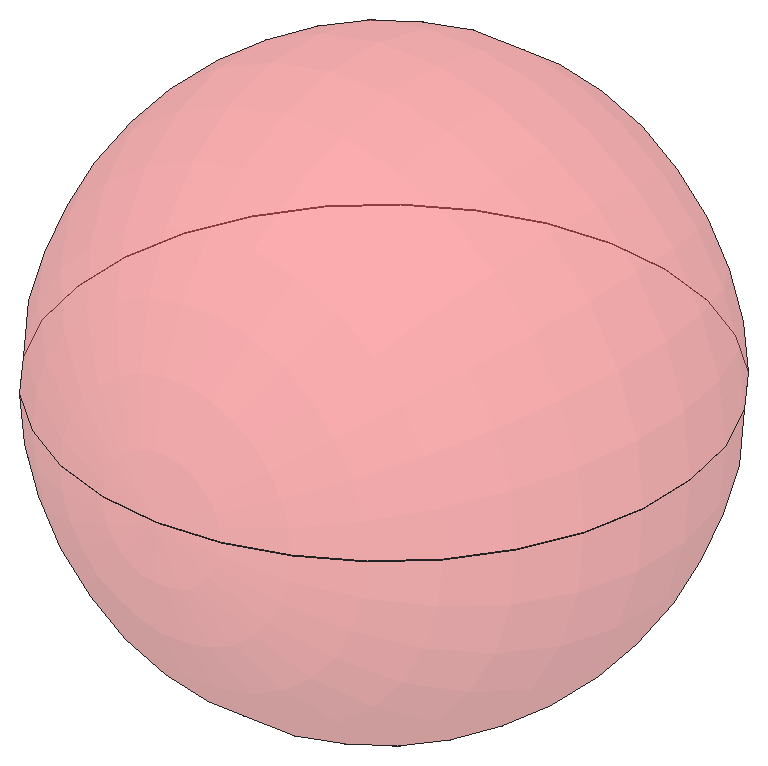
Revit family "RevitNinja_Revizto_Clash_Ball", category Generic Models, Revit 2022
Family settings
  Can host rebar = No
  Round Connector Dimension = Use Diameter
  Part Type = Normal
  Work Plane-Based = No
  Always vertical = No
  Cut with Voids When Loaded = No
  Maintain Annotation Orientation = No
  Shared = No
  Room Calculation Point = No
Parameters (values of type "D500")
  Zone [instance] = ""
  Title [instance] = ""
  Status [instance] = ""
  StampTitle [instance] = ""
  Stamp [instance] = ""
  Solved [instance] = no
  SnapshotLink [instance] = ""
  R = 250 mm
  Issue Level [instance] = ""
  Id [instance] = ""
  GridLocation [instance] = ""
  Default Elevation = 0 mm
  Date [instance] = ""
  Comments [instance] = ""
  Active [instance] = not(Solved)  # yes
Reference planes
  plane 1 "Center (Front/Back)": y = 0
  plane 2: z = 0
  plane 3 "Center (Left/Right)": x = 0
Forms (mm)
  Revolve 1, solid, material "Red", visible <- "Active"
    sketch origin (0, 0, 0) x (1, 0, 0) y (0, 1, 0)
      loop
        line (0, 250) -> (0, -250)
        arc (0, -250) -> (250, 0) -> (0, 250) r 250
      axis (0, 250) -> (0, -250)
    angle from 0 to 360
  Revolve 2, solid, material "Green", visible <- "Solved"
    sketch origin (0, 0, 0) x (1, 0, 0) y (0, 1, 0)
      loop
        line (0, 250) -> (0, -250)
        arc (0, -250) -> (250, 0) -> (0, 250) r 250
      axis (0, 250) -> (0, -250)
    angle from 0 to 360
Dimensions and locks
  "R": radius of Revolve 1 sketch curve
  "R": radius of Revolve 2 sketch curve
  aligned and locked: level to plane 2
  aligned and locked: plane 3 "Center (Left/Right)" to Revolve 1 sketch curve
  aligned and locked: Revolve 1 sketch curve to plane 3 "Center (Left/Right)"
Automatic sketch dimensions
  Revolve 1 sketch curve to plane 3 "Center (Left/Right)" = 0 mm
  plane 1 "Center (Front/Back)" to Revolve 1 sketch curve = 0 mm
  Revolve 1 sketch curve to Revolve 1 sketch curve = 110 mm
  Revolve 1 sketch curve to Revolve 1 sketch curve = 260 mm
  Revolve 2 sketch curve to plane 3 "Center (Left/Right)" = 0 mm  (x2)
  plane 1 "Center (Front/Back)" to Revolve 2 sketch curve = 0 mm
  Revolve 2 sketch curve to Revolve 2 sketch curve = 110 mm
  Revolve 2 sketch curve to Revolve 2 sketch curve = 260 mm
